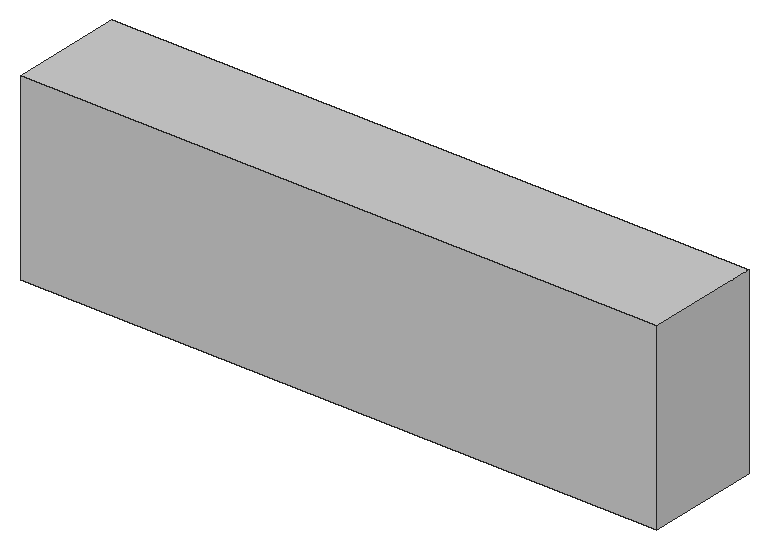
Revit family "@BS-Dam BTCT", category Structural Framing, Revit 2023
Family settings
  Display in Hidden Views = Edges Hidden by Other Members
  Structural Framing Length Roundoff = 0 mm
  Section Shape = Not Defined
  Material for Model Behavior = Concrete
  Always export as geometry = No
  OmniClass Number = 23.25.30.11.14.14
  OmniClass Title = Beams
  Always vertical = Yes
  Cut with Voids When Loaded = No
  Symbolic Representation = From Family
  Shared = No
  Show family pre-cut in plan views = Yes
Parameters (values of type "22x35")
  Structural Material [instance] = Concrete, Cast-in-Place gray
  Assembly Code = ""
  Length [instance] = 1524 mm
  b = 220 mm
  h = 350 mm
Types (10, lengths in mm): name | b | h
  22x35 | 220 | 350
  30x60 | 300 | 600
  30x70 | 300 | 700
  22x40 | 220 | 400
  22x70 | 220 | 700
  22x10 | 220 | 100
  25x50 | 250 | 500
  22x25 | 220 | 250
  22x50 | 220 | 500
  22x30 | 220 | 300
Reference planes
  plane 1 "Center (Front/Back)": y = 0
  plane 2: z = 0
  plane 3 "Center (Left/Right)": x = 4.61
  plane 4 "Member Left": x = -604.99
  plane 5 "Member Right": x = 614.21
  plane 6: y = 110
  plane 7: y = -110
  plane 8: z = 175
  plane 9 "Bottom": z = -175
  plane 10 "Left": x = -757.39
  plane 11 "Right": x = 766.61
Forms (mm)
  Sweep 1, solid, material "Concrete, Cast-in-Place gray" <- "Structural Material"
    path origin (0, 0, 0) x (1, 0, 0) y (0, 1, 0)
      loop
        line (614.21, 0) -> (-604.99, 0)
    profile "M_Rectangular Beam-Profile : M_Rectangular Beam-Profile" origin (4.61, 0, 0) x (0, -1, 0) y (0, 0, 1)
      loop
        line (-110, -175) -> (110, -175) -> (110, 175) -> (-110, 175) -> (-110, -175)
Dimensions and locks
  "b": plane 6 to plane 7
  equal spacing: plane 9 "Bottom", plane 2, plane 8
  equal spacing: plane 6, plane 1 "Center (Front/Back)", plane 7
  "h": plane 9 "Bottom" to plane 8
  "Length": plane 10 "Left" to plane 11 "Right"
  aligned and locked: Sweep 1 sketch curve to plane 1 "Center (Front/Back)"
  aligned and locked: plane 4 "Member Left" to Sweep 1 sketch curve
  aligned and locked: plane 5 "Member Right" to Sweep 1 sketch curve
